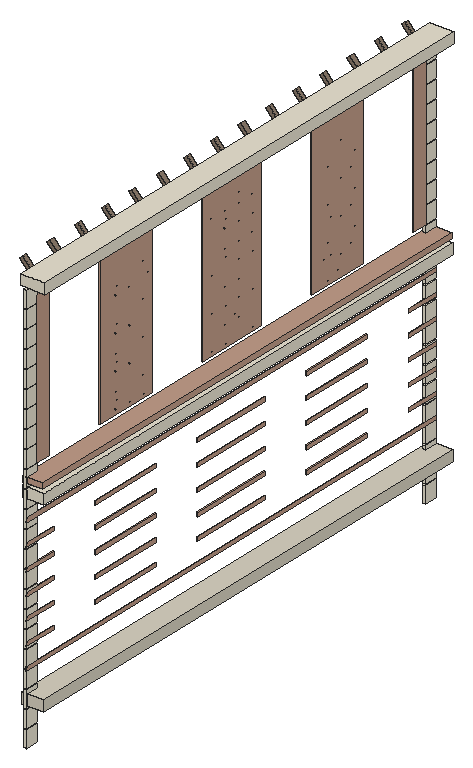
Revit family "AM_Detail_04_Hidden_side__HYPOTHESIS", category Generic Models, Revit 2025 (continued)
Forms (mm)
  Extrusion 493, solid, material "AM Ivory carved stone"
    sketch origin (-7031, -3260, 9075) x (0, 1, 0) y (0, 0, 1)
      loop
        line (0, 0) -> (-55, -54.999) -> (0, -110) -> (55, -54.999) -> (0, 0)
    from 0 to 9
  Extrusion 494, solid, material "AM Ivory carved stone"
    sketch origin (-7031, -3480, 9075) x (0, 1, 0) y (0, 0, 1)
      loop
        line (0, 0) -> (-55, -54.999) -> (0, -110) -> (55, -54.999) -> (0, 0)
    from 0 to 9
  Extrusion 495, solid, material "AM Ivory carved stone"
    sketch origin (-7031, -3370, 8965) x (0, 1, 0) y (0, 0, 1)
      loop
        line (0, 0) -> (-55, -55) -> (0, -110.001) -> (55, -55) -> (0, 0)
    from 0 to 9
  Extrusion 496, solid, material "AM Ivory carved stone"
    sketch origin (-7031, -3370, 9185) x (0, 1, 0) y (0, 0, 1)
      loop
        line (0, 0) -> (-55, -55) -> (0, -110.001) -> (55, -55) -> (0, 0)
    from 0 to 9
  Extrusion 497, solid, material "AM Faded terracotta masonry"
    sketch origin (-7022.5, -5360, 6000) x (1, 0, 0) y (0, 1, 0)
      loop
        line (0, 0) -> (0, -340) -> (25, -340) -> (25, 0) -> (0, 0)
    from 0 to 3550
Dimensions and locks
  aligned and locked: level to plane 2
